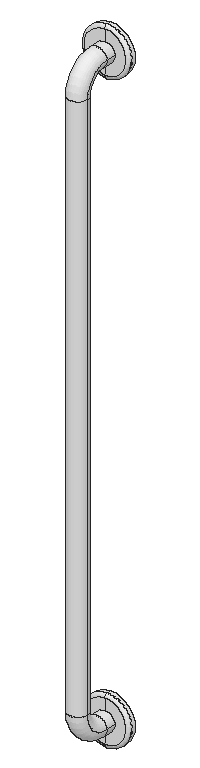
Revit family "Spec  Equip_Grabrail_Argent_Advantage_Straight", category Specialty Equipment, Revit 2016
Family settings
  Part Type = Normal
  Round Connector Dimension = Use Diameter
  OmniClass Number = 23.40.20.21.47
  OmniClass Title = Bath Grab Bars
  Work Plane-Based = No
  Always vertical = Yes
  Cut with Voids When Loaded = No
  Shared = No
  Room Calculation Point = No
Parameters (values of type "1000 Chrome (4281000)")
  Uniclass2015Version = "Products v1.17"
  Uniclass2015Title = "Support rails"
  Uniclass2015Code = "Pr_40_20_76_84"
  URL = "https://www.argentaust.com.au/"
  Type Comments = "1000mm - Chrome Finish"
  ModifiedIssue_ANZRS = 20200402
  Model = "4281000"
  Manufacturer_URL__Product Specific = "https://www.argentaust.com.au/argent-accessories-grab-rails-advantage-grab-rail?item=10826"
  Manufacturer_Spec Code = Model  # "4281000"
  Manufacturer_Overall Width = 80 mm  # constant formula
  Manufacturer_Overall Height = 1080 mm
  Manufacturer_Overall Depth = 85 mm  # constant formula
  Manufacturer_Height From FFL [instance] = 800 mm
  Manufacturer = "Argent"  # constant formula
  Keynote = ""
  IfcExportType = "HANDRAIL"
  IfcExportAs = "IfcRailing"
  Description = "Advantage Grab Rail"
  CreatedBy_ANZRS = "IGS BIM Solutions"  # constant formula
  CreatedByURL_ANZRS = "https://igsgroup.com.au"
  Cost = 0
  Body Material = z_Argent_Chrome
  Assembly Code = ""
Types (6, lengths in mm): name | Type Comments | Model | Manufacturer_URL__Product Specific | Manufacturer_Spec Code | Manufacturer_Overall Height
  450 Chrome (428845) | "450mm - Chrome Finish" | "428845" | "https://www.argentaust.com.au/argent-accessories-grab-rails-advantage-grab-rail?item=10822" | "428845" | 530
  300 Chrome (428830) | "300mm - Chrome Finish" | "428830" | "https://www.argentaust.com.au/argent-accessories-grab-rails-advantage-grab-rail?item=10821" | "428830" | 380
  600 Chrome (428860) | "600mm - Chrome Finish" | "428860" | "https://www.argentaust.com.au/argent-accessories-grab-rails-advantage-grab-rail?item=10823" | "428860" | 680
  750 Chrome (428875) | "750mm - Chrome Finish" | "428875" | "https://www.argentaust.com.au/argent-accessories-grab-rails-advantage-grab-rail?item=10824" | "428875" | 830
  900 Chrome (428890) | "900mm - Chrome Finish" | "428890" | "https://www.argentaust.com.au/argent-accessories-grab-rails-advantage-grab-rail?item=10825" | "428890" | 980
  1000 Chrome (4281000) | "1000mm - Chrome Finish" | "4281000" | "https://www.argentaust.com.au/argent-accessories-grab-rails-advantage-grab-rail?item=10826" | "4281000" | 1080
Reference planes
  plane 1 "Ref. Level": z = 0
  plane 2 "Center (Left/Right)": x = -4.48
  plane 3 "Left": x = -44.48
  plane 4 "Right": x = 35.52
  plane 5 "Center (Front/Back)": y = -400.5
  plane 6 "Back": y = -358
  plane 7 "Bottom": z = 800
  plane 8 "Front": y = -443
  plane 9 "Top": z = 1880
  plane 10 "Center elevation": z = 1340
Forms (mm)
  Sweep 1, solid, material "z_Argent_Chrome" <- "Body Material"
    path origin (-4.48, 0, 0) x (0, 1, 0) y (0, 0, 1)
      loop
        line (-358, 1840) -> (-387.1, 1840)
        arc (-387.1, 1840) -> (-415.384, 1828.284) -> (-427.1, 1800) r 40
        line (-427.1, 1800) -> (-427.1, 880)
        arc (-427.1, 880) -> (-415.384, 851.716) -> (-387.1, 840) r 40
        line (-387.1, 840) -> (-358, 840)
    profile origin (-4.48, -427.1, 1340) x (1, 0, 0) y (0, 1, 0)
      loop
        circle (0, 0) r 15.9
  Revolve 2, solid, material "z_Argent_Chrome" <- "Body Material"
    sketch origin (-4.48, 0, 0) x (0, 1, 0) y (0, 0, 1)
      loop
        line (-358, 1880) -> (-365, 1880)
        arc (-365, 1880) -> (-368.536, 1878.536) -> (-370, 1875) r 5
        line (-370, 1875) -> (-370, 1840) -> (-358, 1840) -> (-358, 1880)
      axis (-358, 1840) -> (-370, 1840)
    angle from 0 to 360
  Revolve 3, solid, material "z_Argent_Chrome" <- "Body Material"
    sketch origin (-4.48, 0, 0) x (0, 1, 0) y (0, 0, 1)
      loop
        line (-358, 800) -> (-358, 840) -> (-370, 840) -> (-370, 805)
        arc (-370, 805) -> (-368.536, 801.464) -> (-365, 800) r 5
        line (-365, 800) -> (-358, 800)
      axis (-358, 840) -> (-370, 840)
    angle from 0 to 360
Cuts and joins
  joined: Sweep 1, Revolve 2, Revolve 3
Lines and regions (mm)
  Masking region 1
    outline origin (0, 0, 1880) x (0, 1, 0) y (-1, 0, 0)
      loop
        line (-370.5, 20.38) -> (-427.1, 20.38)
        arc (-427.1, 20.38) -> (-443, 4.48) -> (-427.1, -11.42) r 15.9
        line (-427.1, -11.42) -> (-370.5, -11.42) -> (-370.5, -30.52)
        arc (-370.5, -30.52) -> (-369.036, -34.056) -> (-365.5, -35.52) r 5
        line (-365.5, -35.52) -> (-358, -35.52) -> (-358, 44.48) -> (-365.5, 44.48)
        arc (-365.5, 44.48) -> (-369.036, 43.016) -> (-370.5, 39.48) r 5
        line (-370.5, 39.48) -> (-370.5, 20.38)
  symbolic lines, style "Grab Rails", detail levels fine
    curve 1: line (-20.38, -370.5, 1880) -> (11.42, -370.5, 1880)
Text (mm)
  text "Disclaimer:\n\nDue to ongoing product development and manufacturing evolution, product details are subject to change without notice. Please refer to product technical data sheets on the manufacturer’s website for the most current product information. Please allow a +/- 5mm manufacturing tolerance for dimensions and set-outs shown in product literature." at (92.133, -321.745, 0), in view "Ref. Level_Instruction"
Dimensions and locks
  "Manufacturer_Overall Height": plane 9 "Top" to plane 7 "Bottom"
  equal spacing: plane 3 "Left", plane 2 "Center (Left/Right)", plane 4 "Right"
  "Manufacturer_Overall Width": plane 3 "Left" to plane 4 "Right"
  "Manufacturer_Overall Depth": plane 8 "Front" to plane 6 "Back"
  equal spacing: plane 8 "Front", plane 5 "Center (Front/Back)", plane 6 "Back"
  equal spacing: plane 9 "Top", plane 10 "Center elevation", plane 7 "Bottom"
  "Manufacturer_Height From FFL": plane 7 "Bottom" to plane 1 "Ref. Level"
  aligned and locked: Revolve 2 sketch curve to Revolve 2 sketch curve  (x2)
  aligned and locked: Revolve 3 sketch curve to Revolve 3 sketch curve  (x2)
Automatic sketch dimensions
  profile plane to Sweep 1 sketch curve = 0 mm
  Sweep 1 sketch curve to profile plane = 0 mm
  Revolve 3 sketch curve to plane 5 "Center (Front/Back)" = 0 mm
  plane 7 "Bottom" to Revolve 3 sketch curve = 0 mm
  Revolve 3 sketch curve to plane 6 "Back" = 0 mm
  Revolve 3 sketch curve to plane 6 "Back" = 12 mm
  Revolve 3 sketch curve to plane 7 "Bottom" = 5 mm
  Revolve 3 sketch curve to Revolve 3 sketch curve = 35 mm
  Revolve 2 sketch curve to plane 5 "Center (Front/Back)" = 0 mm
  plane 9 "Top" to Revolve 2 sketch curve = 0 mm
  Revolve 2 sketch curve to plane 6 "Back" = 0 mm
  Revolve 2 sketch curve to plane 6 "Back" = 12 mm
  plane 9 "Top" to Revolve 2 sketch curve = 5 mm
  Revolve 2 sketch curve to Revolve 2 sketch curve = 35 mm
  Sweep 1 sketch curve to plane 6 "Back" = 0 mm  (x2)
  plane 5 "Center (Front/Back)" to Sweep 1 sketch curve = 13.4 mm  (x2)
  Sweep 1 sketch curve to plane 8 "Front" = 15.9 mm
  Sweep 1 sketch curve to plane 7 "Bottom" = 40 mm
  plane 9 "Top" to Sweep 1 sketch curve = 80 mm
  Masking region 1 sketch curve to plane 2 "Center (Left/Right)" = 0 mm
  Masking region 1 sketch curve to plane 4 "Right" = 0 mm
  Masking region 1 sketch curve to plane 3 "Left" = 0 mm
  Masking region 1 sketch curve to plane 6 "Back" = 0 mm
  plane 3 "Left" to Masking region 1 sketch curve = 5 mm
  Masking region 1 sketch curve to plane 6 "Back" = 7.5 mm  (x2)
  Masking region 1 sketch curve to plane 6 "Back" = 12.5 mm
  Masking region 1 sketch curve to plane 8 "Front" = 15.9 mm
  plane 2 "Center (Left/Right)" to Masking region 1 sketch curve = 15.9 mm
  curve 1 to plane 6 "Back" = 12.5 mm
  plane 2 "Center (Left/Right)" to curve 1 = 15.9 mm
  curve 1 to plane 2 "Center (Left/Right)" = 15.9 mm
  radius of Sweep 1 sketch curve = 15.9 mm
